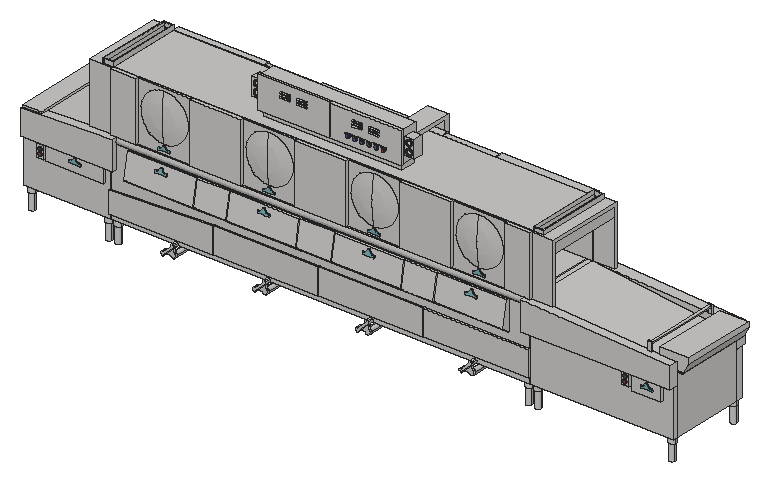
Revit family (continued)
Lines and regions (in)
  symbolic lines
    curve 170: line (91.47138, -4, 65.5) -> (113.97138, -4, 65.5)
    curve 171: line (113.97138, -3, 65.5) -> (113.97138, -4, 65.5)
  symbolic lines, visible <- "Standard Doors"
    curve 47: line (33.47138, -39, 65.5) -> (33.47138, -38.25, 65.5)
    curve 48: line (33.47138, -38.25, 65.5) -> (55.97138, -38.25, 65.5)
    curve 49: line (55.97138, -38.25, 65.5) -> (55.97138, -39, 65.5)
    curve 100: line (77.47138, -39, 65.5) -> (77.47138, -38.25, 65.5)
    curve 101: line (77.47138, -38.25, 65.5) -> (99.97138, -38.25, 65.5)
    curve 102: line (99.97138, -38.25, 65.5) -> (99.97138, -39, 65.5)
    curve 119: line (121.47138, -39, 65.5) -> (121.47138, -38.25, 65.5)
    curve 120: line (121.47138, -38.25, 65.5) -> (143.97138, -38.25, 65.5)
    curve 121: line (143.97138, -38.25, 65.5) -> (143.97138, -39, 65.5)
    curve 147: line (-10.52862, -39, 65.5) -> (-10.52862, -38.25, 65.5)
    curve 148: line (-10.52862, -38.25, 65.5) -> (11.97138, -38.25, 65.5)
    curve 149: line (11.97138, -38.25, 65.5) -> (11.97138, -39, 65.5)
  symbolic lines, visible <- "Swing Doors"
    curve 63: line (45.78388, -39, 65.5) -> (45.78388, -40.125, 65.5)
    curve 64: line (46.53388, -39, 65.5) -> (46.53388, -40.125, 65.5)
    curve 65: arc (46.53388, -40.125, 65.5) -> (46.15888, -40.5, 65.5) -> (45.78388, -40.125, 65.5) r 0.375
    curve 67: line (44.65888, -38.25, 65.5) -> (44.65888, -39, 65.5)
    curve 68: line (44.78388, -38.25, 65.5) -> (44.78388, -39, 65.5)
    curve 69: line (44.65888, -38.25, 65.5) -> (33.47138, -38.25, 65.5)
    curve 70: line (33.47138, -39, 65.5) -> (33.47138, -38.25, 65.5)
    curve 71: line (44.78388, -38.25, 65.5) -> (55.97138, -38.25, 65.5)
    curve 72: line (55.97138, -38.25, 65.5) -> (55.97138, -39, 65.5)
    curve 103: line (86.90888, -39, 65.5) -> (86.90888, -40.125, 65.5)
    curve 104: line (87.65888, -39, 65.5) -> (87.65888, -40.125, 65.5)
    curve 105: arc (87.65888, -40.125, 65.5) -> (87.28388, -40.5, 65.5) -> (86.90888, -40.125, 65.5) r 0.375
    curve 106: line (89.78388, -39, 65.5) -> (89.78388, -40.125, 65.5)
    curve 107: line (90.53388, -39, 65.5) -> (90.53388, -40.125, 65.5)
    curve 108: arc (90.53388, -40.125, 65.5) -> (90.15888, -40.5, 65.5) -> (89.78388, -40.125, 65.5) r 0.375
    curve 109: line (77.47138, -39, 65.5) -> (77.47138, -38.25, 65.5)
    curve 110: line (77.47138, -38.25, 65.5) -> (88.65888, -38.25, 65.5)
    curve 111: line (88.65888, -38.25, 65.5) -> (88.65888, -39, 65.5)
    curve 112: line (88.78388, -39, 65.5) -> (88.78388, -38.25, 65.5)
    curve 113: line (88.78388, -38.25, 65.5) -> (99.97138, -38.25, 65.5)
    curve 114: line (99.97138, -38.25, 65.5) -> (99.97138, -39, 65.5)
    curve 122: line (130.90888, -39, 65.5) -> (130.90888, -40.125, 65.5)
    curve 123: line (131.65888, -39, 65.5) -> (131.65888, -40.125, 65.5)
    curve 124: arc (131.65888, -40.125, 65.5) -> (131.28388, -40.5, 65.5) -> (130.90888, -40.125, 65.5) r 0.375
    curve 125: line (133.78388, -39, 65.5) -> (133.78388, -40.125, 65.5)
    curve 126: line (134.53388, -39, 65.5) -> (134.53388, -40.125, 65.5)
    curve 127: arc (134.53388, -40.125, 65.5) -> (134.15888, -40.5, 65.5) -> (133.78388, -40.125, 65.5) r 0.375
    curve 128: line (121.47138, -39, 65.5) -> (121.47138, -38.25, 65.5)
    curve 129: line (121.47138, -38.25, 65.5) -> (132.65888, -38.25, 65.5)
    curve 130: line (132.65888, -38.25, 65.5) -> (132.65888, -39, 65.5)
    curve 131: line (132.78388, -39, 65.5) -> (132.78388, -38.25, 65.5)
    curve 132: line (132.78388, -38.25, 65.5) -> (143.97138, -38.25, 65.5)
    curve 133: line (143.97138, -38.25, 65.5) -> (143.97138, -39, 65.5)
    curve 144: line (42.90888, -39, 65.5) -> (42.90888, -40.125, 65.5)
    curve 145: line (43.65888, -39, 65.5) -> (43.65888, -40.125, 65.5)
    curve 146: arc (43.65888, -40.125, 65.5) -> (43.28388, -40.5, 65.5) -> (42.90888, -40.125, 65.5) r 0.375
    curve 150: line (1.78388, -39, 65.5) -> (1.78388, -40.125, 65.5)
    curve 151: line (2.53388, -39, 65.5) -> (2.53388, -40.125, 65.5)
    curve 152: arc (2.53388, -40.125, 65.5) -> (2.15888, -40.5, 65.5) -> (1.78388, -40.125, 65.5) r 0.375
    curve 154: line (0.65888, -38.25, 65.5) -> (0.65888, -39, 65.5)
    curve 155: line (0.78388, -38.25, 65.5) -> (0.78388, -39, 65.5)
    curve 156: line (0.65888, -38.25, 65.5) -> (-10.52862, -38.25, 65.5)
    curve 157: line (-10.52862, -39, 65.5) -> (-10.52862, -38.25, 65.5)
    curve 158: line (0.78388, -38.25, 65.5) -> (11.97138, -38.25, 65.5)
    curve 159: line (11.97138, -38.25, 65.5) -> (11.97138, -39, 65.5)
    curve 163: line (-1.09112, -39, 65.5) -> (-1.09112, -40.125, 65.5)
    curve 164: line (-0.34112, -39, 65.5) -> (-0.34112, -40.125, 65.5)
    curve 165: arc (-0.34112, -40.125, 65.5) -> (-0.71612, -40.5, 65.5) -> (-1.09112, -40.125, 65.5) r 0.375
  symbolic lines, style "QF_Clearances", visible <- "Swing Doors", detail levels coarse
    curve 66: line (33.47138, -39, 65.5) -> (33.47138, -50.1875, 65.5)
    curve 73: arc (33.47138, -50.1875, 65.5) -> (41.38213, -46.91076, 65.5) -> (44.65888, -39, 65.5) r 11.1875
    curve 74: line (55.97138, -39, 65.5) -> (55.97138, -50.1875, 65.5)
    curve 75: arc (55.97138, -50.1875, 65.5) -> (48.06062, -46.91076, 65.5) -> (44.78388, -39, 65.5) r 11.1875
    curve 115: line (77.47138, -50.1875, 65.5) -> (77.47138, -39, 65.5)
    curve 116: arc (77.47138, -50.1875, 65.5) -> (85.38213, -46.91076, 65.5) -> (88.65888, -39, 65.5) r 11.1875
    curve 117: line (99.97138, -50.1875, 65.5) -> (99.97138, -39, 65.5)
    curve 118: arc (99.97138, -50.1875, 65.5) -> (92.06062, -46.91076, 65.5) -> (88.78388, -39, 65.5) r 11.1875
    curve 134: line (121.47138, -50.1875, 65.5) -> (121.47138, -39, 65.5)
    curve 135: arc (121.47138, -50.1875, 65.5) -> (129.38213, -46.91076, 65.5) -> (132.65888, -39, 65.5) r 11.1875
    curve 136: line (143.97138, -50.1875, 65.5) -> (143.97138, -39, 65.5)
    curve 137: arc (143.97138, -50.1875, 65.5) -> (136.06062, -46.91076, 65.5) -> (132.78388, -39, 65.5) r 11.1875
    curve 153: line (-10.52862, -39, 65.5) -> (-10.52862, -50.1875, 65.5)
    curve 160: arc (-10.52862, -50.1875, 65.5) -> (-2.61787, -46.91076, 65.5) -> (0.65888, -39, 65.5) r 11.1875
    curve 161: line (11.97138, -39, 65.5) -> (11.97138, -50.1875, 65.5)
    curve 162: arc (11.97138, -50.1875, 65.5) -> (4.06062, -46.91076, 65.5) -> (0.78388, -39, 65.5) r 11.1875
  symbolic lines, visible <- "Unload Removable Cover"
    curve 86: line (214.72138, -6, 65.5) -> (219.72138, -6, 65.5)
    curve 87: line (219.72138, -6, 65.5) -> (219.72138, -37.25, 65.5)
    curve 88: line (219.72138, -37.25, 65.5) -> (214.72138, -37.25, 65.5)
    curve 89: line (207.72138, -37.25, 65.5) -> (207.72138, -6, 65.5)
  symbolic lines, style "QF_Surface Details"
    curve 96: line (52.70902, -13.95855, 52.4375) -> (78.70902, -13.95855, 52.4375)
    curve 97: line (78.70902, -13.95855, 52.4375) -> (72.81036, -12.7718, 52.4375)
    curve 98: line (78.70902, -13.95855, 52.4375) -> (72.81036, -15.14531, 52.4375)
  symbolic lines, style "SpecialityEquipment"
    curve 172: line (80.72138, -26, 65.5) -> (80.72138, 0, 65.5)
    curve 173: line (80.72138, 0, 65.5) -> (89.22138, 0, 65.5)
    curve 174: line (89.22138, 0, 65.5) -> (89.22138, -26, 65.5)
Dimensions and locks (in)
  "Depth": plane 5 "FRONT" to plane 1 "BACK"
  "Power Scrapper Width": plane 3 "LEFT" to plane 6 "Right of Power Scrapper"
  "Power Wash Width": plane 6 "Right of Power Scrapper" to plane 7 "Right of Power Wash"
  locked: plane 8 "Load Vent" to plane 3 "LEFT" at 9
  locked: plane 4 "RIGHT" to plane 9 "Unload Vent" at 9
  locked: plane 10 "Top of Machine" to level at 65.5
  locked: plane 11 "Table Height" to level at 34
  locked: plane 13 "Middle of Machine" to level at 40.625
  locked: plane 3 "LEFT" to plane 14 "Left of Bottom" at 2.5
  locked: plane 15 "Right of Bottom" to plane 4 "RIGHT" at 2.5
  locked: plane 12 "Bottom of Machine" to level at 9
  locked: plane 16 to plane 17 at 0.375
  locked: plane 17 to plane 18 at 13.25
  locked: plane 13 "Middle of Machine" to plane 16 at 2.5
  locked: plane 18 to plane 19 at 2.25
  locked: plane 19 to plane 20 at 10.75
  locked: plane 21 "Back of Main Body" to plane 1 "BACK" at 3
  locked: plane 5 "FRONT" to plane 22 "Front of Main Body" at 3
  equal spacing: plane 3 "LEFT", plane 23, plane 6 "Right of Power Scrapper"
  equal spacing: plane 6 "Right of Power Scrapper", plane 24, plane 7 "Right of Power Wash"
  equal spacing: plane 26, plane 24, plane 27
  "Power Wash Door": plane 26 to plane 27
  locked: plane 22 "Front of Main Body" to plane 28 "Front of Inside" at 1.75
  locked: plane 29 "Back of Inside" to plane 21 "Back of Main Body" at 3
  locked: plane 14 "Left of Bottom" to plane 30 at 5.5
  locked: plane 30 to plane 31 at 29
  locked: plane 31 to plane 32 at 0.25
  plane 35 to plane 7 "Right of Power Wash" to plane 36 = 0' - 0 1/8" locked, 0' - 0 1/8" locked
  plane 33 to plane 6 "Right of Power Scrapper" to plane 34 = 0' - 0 1/8" locked, 0' - 0 1/8" locked
  locked: plane 10 "Top of Machine" to plane 37 at 5.25
  locked: plane 38 to plane 10 "Top of Machine" at 1.75
  locked: plane 40 to plane 39 at 4
  locked: plane 39 to plane 3 "LEFT" at 0.125
  locked: plane 42 to plane 41 at 4
  locked: plane 4 "RIGHT" to plane 42 at 0.125
  "Load Section Width": plane 43 to plane 3 "LEFT"
  locked: plane 44 to plane 43 at 2.5
  locked: plane 45 to plane 43 at 1
  plane 43 to plane 46 = 0' - 8"
  locked: plane 13 "Middle of Machine" to plane 47 at 12.125
  locked: plane 47 to plane 48 at 0.5
  locked: plane 48 to plane 49 at 6
  locked: plane 50 to plane 51 at 24
  "ONOFF Switch": plane 43 to plane 53
  locked: plane 53 to plane 52 at 3
  locked: Extrusion 47 sketch curve to plane 53 at 1.5
  locked: Extrusion 48 sketch curve to plane 53 at 1.5
  locked: Extrusion 45 sketch curve to plane 50 at 9.50172
  locked: plane 51 to Extrusion 45 sketch curve at 9.50242
  locked: plane 51 to plane 3 "LEFT" at 2.125
  "Unload Section Width": plane 4 "RIGHT" to plane 54
  locked: plane 54 to plane 55 at 1
  locked: plane 54 to plane 56 at 2.5
  locked: plane 54 to plane 57 at 5
  locked: plane 58 to plane 57 at 12
  locked: plane 59 to plane 54 at 11
  Extrusion 57 sketch curve to plane 59 to Extrusion 57 sketch curve = 0' - 0 3/4" locked, 0' - 0 3/4" locked
  Extrusion 58 sketch curve to plane 59 to Extrusion 58 sketch curve = 0' - 0 3/4" locked, 0' - 0 3/4" locked
  locked: plane 61 to plane 60 at 12
  locked: plane 60 to plane 54 at 4.5
  locked: Extrusion 61 sketch curve to plane 61 at 3.50172
  locked: plane 60 to Extrusion 61 sketch curve at 3.50242
  locked: plane 62 to plane 61 at 1.5
  locked: plane 63 to plane 62 at 3
  locked: plane 48 to Extrusion 62 sketch curve at 5
  locked: Extrusion 63 sketch curve to plane 63 at 1.5
  locked: Extrusion 64 sketch curve to plane 63 at 1.5
  plane 22 "Front of Main Body" to plane 21 "Back of Main Body" = 3' - 0"
  locked: Extrusion 65 sketch curve to plane 21 "Back of Main Body" at 1.9375
  locked: plane 43 to Extrusion 65 sketch curve at 1.9375
  locked: plane 43 to Extrusion 66 sketch curve at 1.9375
  locked: Extrusion 66 sketch curve to plane 21 "Back of Main Body" at 1.9375
  locked: plane 43 to Extrusion 67 sketch curve at 1.9375
  locked: plane 22 "Front of Main Body" to Extrusion 67 sketch curve at 1.9375
  locked: plane 43 to Extrusion 68 sketch curve at 1.9375
  locked: plane 22 "Front of Main Body" to Extrusion 68 sketch curve at 1.9375
  locked: Extrusion 69 sketch curve to plane 3 "LEFT" at 1.9375
  locked: Extrusion 69 sketch curve to plane 21 "Back of Main Body" at 1.9375
  locked: Extrusion 70 sketch curve to plane 3 "LEFT" at 1.9375
  locked: Extrusion 70 sketch curve to plane 21 "Back of Main Body" at 1.9375
  locked: Extrusion 71 sketch curve to plane 3 "LEFT" at 1.9375
  locked: plane 22 "Front of Main Body" to Extrusion 71 sketch curve at 1.9375
  locked: Extrusion 72 sketch curve to plane 3 "LEFT" at 1.9375
  locked: plane 22 "Front of Main Body" to Extrusion 72 sketch curve at 1.9375
  locked: plane 3 "LEFT" to Extrusion 75 sketch curve at 1.9375
  locked: plane 22 "Front of Main Body" to Extrusion 75 sketch curve at 1.9375
  locked: plane 22 "Front of Main Body" to Extrusion 76 sketch curve at 1.9375
  locked: plane 3 "LEFT" to Extrusion 76 sketch curve at 1.9375
  locked: plane 3 "LEFT" to Extrusion 74 sketch curve at 1.9375
  locked: Extrusion 74 sketch curve to plane 21 "Back of Main Body" at 1.9375
  locked: plane 3 "LEFT" to Extrusion 73 sketch curve at 1.9375
  locked: Extrusion 73 sketch curve to plane 21 "Back of Main Body" at 1.9375
  locked: Extrusion 77 sketch curve to plane 4 "RIGHT" at 1.9375
  locked: Extrusion 77 sketch curve to plane 21 "Back of Main Body" at 1.9375
  locked: Extrusion 78 sketch curve to plane 4 "RIGHT" at 1.9375
  locked: Extrusion 78 sketch curve to plane 21 "Back of Main Body" at 1.9375
  locked: plane 4 "RIGHT" to Extrusion 82 sketch curve at 1.9375
  locked: Extrusion 82 sketch curve to plane 21 "Back of Main Body" at 1.9375
  locked: plane 4 "RIGHT" to Extrusion 81 sketch curve at 1.9375
  locked: Extrusion 81 sketch curve to plane 21 "Back of Main Body" at 1.9375
  locked: Extrusion 79 sketch curve to plane 4 "RIGHT" at 1.9375
  locked: plane 22 "Front of Main Body" to Extrusion 79 sketch curve at 1.9375
  locked: plane 22 "Front of Main Body" to Extrusion 80 sketch curve at 1.9375
  locked: Extrusion 80 sketch curve to plane 4 "RIGHT" at 1.9375
  locked: plane 4 "RIGHT" to Extrusion 83 sketch curve at 1.9375
  locked: plane 22 "Front of Main Body" to Extrusion 83 sketch curve at 1.9375
  locked: plane 4 "RIGHT" to Extrusion 84 sketch curve at 1.9375
  locked: plane 22 "Front of Main Body" to Extrusion 84 sketch curve at 1.9375
  locked: Extrusion 85 sketch curve to plane 54 at 1.9375
  locked: Extrusion 85 sketch curve to plane 21 "Back of Main Body" at 1.9375
  locked: Extrusion 86 sketch curve to plane 54 at 1.9375
  locked: Extrusion 86 sketch curve to plane 21 "Back of Main Body" at 1.9375
  locked: plane 22 "Front of Main Body" to Extrusion 88 sketch curve at 1.9375
  locked: Extrusion 88 sketch curve to plane 54 at 1.9375
  locked: Extrusion 87 sketch curve to plane 54 at 1.9375
  locked: plane 22 "Front of Main Body" to Extrusion 87 sketch curve at 1.9375
  locked: plane 22 "Front of Main Body" to plane 64 at 6.5
  locked: plane 64 to plane 65 at 6
  plane 3 "LEFT" to plane 66 = 4' - 11"
  locked: plane 66 to plane 67 at 58
  locked: plane 68 to plane 10 "Top of Machine" at 3
  locked: plane 69 to plane 68 at 2.875
  locked: plane 70 to plane 69 at 7.25
  locked: plane 71 to plane 68 at 13
  equal spacing: plane 66, plane 72, plane 67
  plane 73 to plane 72 to plane 74 = 0' - 0 1/8" locked, 0' - 0 1/8" locked
  locked: plane 75 to plane 66 at 1
  locked: plane 67 to plane 76 at 1
  locked: plane 76 to plane 77 at 4
  locked: plane 78 to plane 75 at 4
  locked: plane 65 to plane 79 "Back of Elec Box" at 0.5
  locked: plane 80 to plane 64 at 0.5
  locked: plane 68 to plane 82 at 0.25
  locked: plane 71 to plane 83 at 0.25
  locked: plane 75 to plane 84 at 0.25
  locked: plane 85 "Right of Control Box" to plane 76 at 0.25
  locked: plane 80 to plane 86 "Front of LR Panels" at 0.75
  locked: plane 86 "Front of LR Panels" to plane 87 at 4
  locked: plane 88 "Drain" to level at 7
  locked: plane 43 to plane 89 "Left Drain" at 17.5
  locked: plane 90 "Right Drain" to plane 54 at 7
  locked: plane 91 "Drain CL" to plane 21 "Back of Main Body" at 17.25
  locked: plane 92 "Utilities" to level at 6
  locked: plane 93 "Cold Water" to plane 3 "LEFT" at 10
  locked: plane 94 "Utility to Machine" to plane 21 "Back of Main Body" at 13.75
  locked: plane 94 "Utility to Machine" to plane 95 "Utilities Point of Connection" at 8.25
  locked: plane 4 "RIGHT" to plane 96 "Building Hot Water" at 36
  locked: Extrusion 128 sketch curve to plane 75 at 2
  locked: Extrusion 128 sketch curve to plane 10 "Top of Machine" at 13
  locked: Extrusion 131 to Extrusion 137 sketch curve at 1
  locked: Extrusion 170 to Extrusion 176 sketch curve at 1
  locked: plane 26 to plane 97 at 0.25
  locked: plane 98 to plane 24 at 0.0625
  locked: plane 24 to plane 99 at 0.0625
  locked: plane 102 to plane 24 at 1.4375
  locked: plane 24 to plane 101 at 1.4375
  locked: plane 100 to plane 27 at 0.25
  locked: plane 103 "Standard Door Clearance" to plane 10 "Top of Machine" at 28
  plane 4 "RIGHT" to plane 104 = 2' - 0"
  locked: plane 104 to nested 5
  locked: plane 4 "RIGHT" to nested 4 at 12
  locked: Extrusion 187 sketch curve to plane 4 "RIGHT" at 12
  locked: Extrusion 187 sketch curve to level at 11
  "Final Rinse Width": plane 7 "Right of Power Wash" to plane 25
  "Final Rinse 2 Width": plane 25 to plane 4 "RIGHT"
  equal spacing: plane 7 "Right of Power Wash", plane 105, plane 25
  equal spacing: plane 25, plane 106, plane 4 "RIGHT"
  "Power Rinse Door": plane 107 to plane 108
  locked: plane 107 to plane 109 at 0.25
  locked: plane 112 to plane 108 at 0.25
  equal spacing: plane 107, plane 105, plane 108
  locked: plane 110 to plane 105 at 0.0625
  locked: plane 105 to plane 111 at 0.0625
  locked: plane 105 to plane 113 at 1.4375
  locked: plane 114 to plane 105 at 1.4375
  locked: plane 115 to plane 25 at 0.125
  locked: plane 25 to plane 116 at 0.125
  "Power Rinse Door": plane 117 to plane 118
  locked: plane 117 to plane 119 at 0.25
  locked: plane 122 to plane 118 at 0.25
  equal spacing: plane 117, plane 106, plane 118
  locked: plane 120 to plane 106 at 0.0625
  locked: plane 106 to plane 121 at 0.0625
  locked: plane 106 to plane 123 at 1.4375
  locked: plane 124 to plane 106 at 1.4375
  "Power Scrapper Door": plane 125 to plane 126
  locked: plane 125 to plane 127 at 0.25
  locked: plane 130 to plane 126 at 0.25
  locked: plane 128 to plane 23 at 0.0625
  locked: plane 23 to plane 129 at 0.0625
  locked: plane 23 to plane 131 at 1.4375
  locked: plane 132 to plane 23 at 1.4375
  equal spacing: plane 125, plane 23, plane 126
  locked: plane 133 to plane 134 at 22.5
  locked: plane 135 to plane 136 at 22.5
  locked: plane 31 to plane 137 at 14
  locked: plane 137 to plane 138 at 29
  locked: plane 138 to plane 139 at 15
  locked: plane 139 to plane 140 at 29
  locked: plane 140 to plane 141 at 14
  locked: plane 141 to plane 142 at 29
  locked: plane 143 to plane 137 at 0.25
  locked: plane 138 to plane 144 at 0.25
  locked: plane 146 to plane 139 at 0.25
  locked: plane 140 to plane 145 at 0.25
  locked: plane 147 to plane 141 at 0.25
  aligned and locked: level to plane 2
  aligned and locked: plane 12 "Bottom of Machine" to Extrusion 1 sketch curve
  aligned and locked: plane 3 "LEFT" to Extrusion 1 sketch curve
  aligned and locked: plane 14 "Left of Bottom" to Extrusion 1 sketch curve
  aligned and locked: Extrusion 1 sketch curve to plane 15 "Right of Bottom"
  aligned and locked: Extrusion 1 sketch curve to plane 4 "RIGHT"
  aligned and locked: Extrusion 1 to plane 21 "Back of Main Body"
  aligned and locked: Extrusion 1 sketch curve to plane 16
  aligned and locked: Extrusion 2 sketch curve to plane 13 "Middle of Machine"
  aligned and locked: plane 16 to Extrusion 2 sketch curve
  aligned and locked: plane 21 "Back of Main Body" to Extrusion 2 sketch curve
  aligned and locked: Extrusion 2 to plane 14 "Left of Bottom"
  aligned and locked: plane 3 "LEFT" to Extrusion 3 sketch curve
  aligned and locked: Extrusion 3 sketch curve to plane 22 "Front of Main Body"
  aligned and locked: plane 28 "Front of Inside" to Extrusion 3 sketch curve
  aligned and locked: Extrusion 3 to plane 13 "Middle of Machine"
  aligned and locked: plane 28 "Front of Inside" to Extrusion 4 sketch curve
  aligned and locked: Extrusion 4 sketch curve to plane 26
  aligned and locked: Extrusion 4 sketch curve to plane 22 "Front of Main Body"
  aligned and locked: Extrusion 4 to plane 13 "Middle of Machine"
  aligned and locked: plane 28 "Front of Inside" to Extrusion 5 sketch curve
  aligned and locked: Extrusion 5 sketch curve to plane 22 "Front of Main Body"
  aligned and locked: plane 27 to Extrusion 5 sketch curve
  aligned and locked: Extrusion 6 sketch curve to plane 4 "RIGHT"
  aligned and locked: plane 28 "Front of Inside" to Extrusion 6 sketch curve
  aligned and locked: Extrusion 6 sketch curve to plane 22 "Front of Main Body"
  aligned and locked: Extrusion 5 to plane 13 "Middle of Machine"
  aligned and locked: Extrusion 6 to plane 13 "Middle of Machine"
  aligned and locked: plane 3 "LEFT" to Extrusion 7 sketch curve
  aligned and locked: plane 21 "Back of Main Body" to Extrusion 7 sketch curve
  aligned and locked: Extrusion 7 sketch curve to plane 29 "Back of Inside"
  aligned and locked: Extrusion 8 sketch curve to plane 4 "RIGHT"
  aligned and locked: plane 21 "Back of Main Body" to Extrusion 8 sketch curve
  aligned and locked: Extrusion 8 sketch curve to plane 29 "Back of Inside"
  aligned and locked: Extrusion 7 to plane 13 "Middle of Machine"
  aligned and locked: Extrusion 8 to plane 13 "Middle of Machine"
  aligned and locked: plane 28 "Front of Inside" to Extrusion 9 sketch curve
  aligned and locked: plane 26 to Extrusion 9 sketch curve
  aligned and locked: Extrusion 9 sketch curve to plane 27
  aligned and locked: Extrusion 9 to plane 13 "Middle of Machine"
  aligned and locked: Extrusion 12 to plane 32
  aligned and locked: plane 3 "LEFT" to Extrusion 16 sketch curve
  aligned and locked: plane 20 to Extrusion 16 sketch curve
  aligned and locked: Extrusion 16 sketch curve to plane 33
  aligned and locked: Extrusion 17 sketch curve to plane 35
  aligned and locked: Extrusion 17 sketch curve to plane 19
  aligned and locked: plane 34 to Extrusion 17 sketch curve
  aligned and locked: plane 20 to Extrusion 17 sketch curve
  aligned and locked: Extrusion 18 sketch curve to plane 19
  aligned and locked: plane 20 to Extrusion 18 sketch curve
  aligned and locked: plane 36 to Extrusion 18 sketch curve
  aligned and locked: plane 29 "Back of Inside" to Extrusion 19 sketch curve
  aligned and locked: plane 3 "LEFT" to Extrusion 19 sketch curve
  aligned and locked: Extrusion 19 sketch curve to plane 28 "Front of Inside"
  aligned and locked: Extrusion 19 sketch curve to plane 4 "RIGHT"
  aligned and locked: Extrusion 19 to plane 37
  aligned and locked: plane 13 "Middle of Machine" to Extrusion 20 sketch curve  (x2)
  aligned and locked: Extrusion 20 sketch curve to plane 10 "Top of Machine"
  aligned and locked: Extrusion 20 to plane 8 "Load Vent"
  aligned and locked: plane 40 to Extrusion 21 sketch curve
  aligned and locked: Extrusion 21 sketch curve to plane 39
  aligned and locked: plane 38 to Extrusion 21
  aligned and locked: Extrusion 22 sketch curve to Extrusion 20
  aligned and locked: Extrusion 22 sketch curve to plane 37
  aligned and locked: Extrusion 23 sketch curve to Extrusion 21
  aligned and locked: Extrusion 21 to Extrusion 23 sketch curve
  aligned and locked: Extrusion 24 to Extrusion 26 sketch curve
  aligned and locked: plane 9 "Unload Vent" to Extrusion 24
  aligned and locked: plane 41 to Extrusion 25 sketch curve
  aligned and locked: Extrusion 25 sketch curve to plane 42
  aligned and locked: plane 38 to Extrusion 25
  aligned and locked: plane 37 to Extrusion 26 sketch curve
  aligned and locked: Extrusion 25 to Extrusion 27 sketch curve
  aligned and locked: Extrusion 27 sketch curve to Extrusion 25
  aligned and locked: plane 15 "Right of Bottom" to Extrusion 2
  aligned and locked: plane 43 to Extrusion 35 sketch curve
  aligned and locked: Extrusion 35 sketch curve to plane 14 "Left of Bottom"
  aligned and locked: plane 43 to Extrusion 36 sketch curve
  aligned and locked: Extrusion 36 sketch curve to plane 14 "Left of Bottom"
  aligned and locked: Extrusion 37 sketch curve to plane 44
  aligned and locked: plane 11 "Table Height" to Extrusion 37 sketch curve
  aligned and locked: plane 43 to Extrusion 37 sketch curve
  aligned and locked: plane 28 "Front of Inside" to Extrusion 37
  aligned and locked: Extrusion 38 sketch curve to plane 45
  aligned and locked: plane 43 to Extrusion 38 sketch curve
  aligned and locked: Extrusion 39 sketch curve to plane 45
  aligned and locked: plane 43 to Extrusion 39 sketch curve
  aligned and locked: plane 43 to Extrusion 40 sketch curve
  aligned and locked: Extrusion 40 sketch curve to plane 14 "Left of Bottom"
  aligned and locked: Extrusion 40 sketch curve to plane 13 "Middle of Machine"
  aligned and locked: Extrusion 40 sketch curve to plane 12 "Bottom of Machine"
  aligned and locked: plane 3 "LEFT" to Extrusion 40 sketch curve
  aligned and locked: plane 43 to Extrusion 41 sketch curve
  aligned and locked: plane 46 to Extrusion 41 sketch curve
  aligned and locked: plane 43 to Extrusion 42 sketch curve
  aligned and locked: plane 12 "Bottom of Machine" to Extrusion 42 sketch curve
  aligned and locked: Extrusion 42 sketch curve to plane 3 "LEFT"
  aligned and locked: plane 22 "Front of Main Body" to Extrusion 42
  aligned and locked: plane 28 "Front of Inside" to Extrusion 40
  aligned and locked: plane 43 to Extrusion 43 sketch curve
  aligned and locked: plane 12 "Bottom of Machine" to Extrusion 43 sketch curve
  aligned and locked: Extrusion 43 sketch curve to plane 3 "LEFT"
  aligned and locked: Extrusion 43 to plane 21 "Back of Main Body"
  aligned and locked: plane 47 to Extrusion 35 sketch curve
  aligned and locked: plane 47 to Extrusion 36 sketch curve
  aligned and locked: Extrusion 42 sketch curve to plane 47
  aligned and locked: Extrusion 43 sketch curve to plane 47
  aligned and locked: Extrusion 44 to plane 22 "Front of Main Body"
  aligned and locked: plane 53 to Extrusion 46 sketch curve
  aligned and locked: Extrusion 46 sketch curve to plane 52
  aligned and locked: Extrusion 44 to plane 50
  aligned and locked: plane 51 to Extrusion 44
  aligned and locked: plane 13 "Middle of Machine" to Extrusion 53 sketch curve
  aligned and locked: Extrusion 53 sketch curve to plane 15 "Right of Bottom"
  aligned and locked: Extrusion 53 sketch curve to plane 47
  aligned and locked: plane 4 "RIGHT" to Extrusion 53 sketch curve
  aligned and locked: plane 12 "Bottom of Machine" to Extrusion 53 sketch curve
  aligned and locked: plane 54 to Extrusion 53 sketch curve
  aligned and locked: plane 54 to Extrusion 52 sketch curve
  aligned and locked: Extrusion 52 sketch curve to plane 55
  aligned and locked: Extrusion 51 sketch curve to plane 56
  aligned and locked: plane 54 to Extrusion 51 sketch curve
  aligned and locked: Extrusion 51 sketch curve to plane 11 "Table Height"
  aligned and locked: Extrusion 49 sketch curve to plane 15 "Right of Bottom"
  aligned and locked: Extrusion 49 sketch curve to plane 47
  aligned and locked: plane 54 to Extrusion 49 sketch curve
  aligned and locked: Extrusion 50 sketch curve to plane 15 "Right of Bottom"
  aligned and locked: Extrusion 50 sketch curve to plane 47
  aligned and locked: plane 54 to Extrusion 50 sketch curve
  aligned and locked: Extrusion 54 sketch curve to plane 4 "RIGHT"
  aligned and locked: plane 47 to Extrusion 54 sketch curve
  aligned and locked: Extrusion 54 sketch curve to plane 12 "Bottom of Machine"
  aligned and locked: plane 54 to Extrusion 54 sketch curve
  aligned and locked: Extrusion 55 sketch curve to plane 4 "RIGHT"
  aligned and locked: plane 47 to Extrusion 55 sketch curve
  aligned and locked: plane 54 to Extrusion 55 sketch curve
  aligned and locked: Extrusion 55 sketch curve to plane 12 "Bottom of Machine"
  aligned and locked: plane 13 "Middle of Machine" to Extrusion 56 sketch curve
  aligned and locked: Extrusion 56 sketch curve to plane 58
  aligned and locked: Extrusion 56 sketch curve to plane 57
  aligned and locked: plane 28 "Front of Inside" to Extrusion 56
  aligned and locked: plane 28 "Front of Inside" to Extrusion 59
  aligned and locked: Extrusion 60 sketch curve to plane 48
  aligned and locked: plane 49 to Extrusion 60 sketch curve
  aligned and locked: plane 61 to Extrusion 60 sketch curve
  aligned and locked: Extrusion 60 sketch curve to plane 60
  aligned and locked: plane 63 to Extrusion 62 sketch curve
  aligned and locked: Extrusion 62 sketch curve to plane 62
  aligned and locked: Extrusion 62 sketch curve to plane 48
  aligned and locked: Extrusion 66 to Extrusion 65
  aligned and locked: plane 12 "Bottom of Machine" to Extrusion 66
  aligned and locked: Extrusion 68 to Extrusion 67
  aligned and locked: Extrusion 70 to Extrusion 69
  aligned and locked: Extrusion 72 to Extrusion 71
  aligned and locked: Extrusion 73 to Extrusion 74
  aligned and locked: Extrusion 75 to Extrusion 76
  aligned and locked: Extrusion 78 to Extrusion 77
  aligned and locked: Extrusion 80 to Extrusion 79
  aligned and locked: Extrusion 81 to Extrusion 82
  aligned and locked: Extrusion 83 to Extrusion 84
  aligned and locked: Extrusion 86 to Extrusion 85
  aligned and locked: Extrusion 88 to Extrusion 87
  aligned and locked: plane 65 to Extrusion 89 sketch curve
  aligned and locked: Extrusion 89 sketch curve to plane 64
  aligned and locked: Extrusion 89 sketch curve to plane 67
  aligned and locked: plane 66 to Extrusion 89 sketch curve
  aligned and locked: plane 79 "Back of Elec Box" to Extrusion 90 sketch curve
  aligned and locked: Extrusion 90 sketch curve to plane 80
  aligned and locked: plane 84 to Extrusion 90 sketch curve
  aligned and locked: Extrusion 90 sketch curve to plane 85 "Right of Control Box"
  aligned and locked: Extrusion 90 to plane 68
  aligned and locked: plane 83 to Extrusion 90
  aligned and locked: plane 75 to Extrusion 91 sketch curve
  aligned and locked: Extrusion 91 sketch curve to plane 81 "Front of Panel"
  aligned and locked: Extrusion 91 sketch curve to plane 73
  aligned and locked: plane 74 to Extrusion 92 sketch curve
  aligned and locked: Extrusion 92 sketch curve to plane 81 "Front of Panel"
  aligned and locked: plane 80 to Extrusion 92 sketch curve
  aligned and locked: Extrusion 92 sketch curve to plane 76
  aligned and locked: Extrusion 92 to plane 82
  aligned and locked: Extrusion 91 to plane 82
  aligned and locked: plane 71 to Extrusion 91
  aligned and locked: plane 71 to Extrusion 92
  aligned and locked: plane 87 to Extrusion 93 sketch curve
  aligned and locked: Extrusion 93 sketch curve to plane 84
  aligned and locked: Extrusion 93 sketch curve to plane 86 "Front of LR Panels"
  aligned and locked: plane 78 to Extrusion 93 sketch curve
  aligned and locked: plane 85 "Right of Control Box" to Extrusion 94 sketch curve
  aligned and locked: Extrusion 94 sketch curve to plane 86 "Front of LR Panels"
  aligned and locked: Extrusion 94 sketch curve to plane 77
  aligned and locked: plane 87 to Extrusion 94 sketch curve
  aligned and locked: plane 70 to Extrusion 93
  aligned and locked: plane 70 to Extrusion 94
  aligned and locked: Extrusion 93 to plane 69
  aligned and locked: Extrusion 94 to plane 69
  aligned and locked: Extrusion 96 sketch curve to Extrusion 95  (x2)
  aligned and locked: Extrusion 104 sketch curve to Extrusion 103  (x2)
  aligned and locked: Extrusion 106 sketch curve to Extrusion 105  (x2)
  aligned and locked: Extrusion 108 sketch curve to Extrusion 107  (x2)
  aligned and locked: Extrusion 123 to plane 89 "Left Drain"
  aligned and locked: plane 90 "Right Drain" to Extrusion 123
  aligned and locked: Extrusion 124 sketch curve to Extrusion 123  (x2)
  aligned and locked: Extrusion 125 sketch curve to Extrusion 123  (x2)
  aligned and locked: plane 42 to nested 1
  aligned and locked: plane 29 "Back of Inside" to nested 1
  aligned and locked: Extrusion 141 sketch curve to Extrusion 140  (x2)
  aligned and locked: Extrusion 149 sketch curve to Extrusion 148  (x2)
  aligned and locked: Extrusion 151 sketch curve to Extrusion 150  (x2)
  aligned and locked: Extrusion 153 sketch curve to Extrusion 152  (x2)
  aligned and locked: plane 97 to Extrusion 177 sketch curve
  aligned and locked: Extrusion 177 sketch curve to plane 98
  aligned and locked: Extrusion 177 sketch curve to plane 22 "Front of Main Body"
  aligned and locked: plane 99 to Extrusion 178 sketch curve
  aligned and locked: Extrusion 178 sketch curve to plane 100
  aligned and locked: Extrusion 178 sketch curve to plane 22 "Front of Main Body"
  aligned and locked: Extrusion 177 to plane 13 "Middle of Machine"
  aligned and locked: Extrusion 178 to plane 13 "Middle of Machine"
  aligned and locked: curve 66 to plane 26
  aligned and locked: curve 74 to plane 27
  aligned and locked: plane 26 to Extrusion 185 sketch curve
  aligned and locked: Extrusion 185 sketch curve to plane 27
  aligned and locked: Extrusion 185 sketch curve to plane 22 "Front of Main Body"
  aligned and locked: plane 107 to Extrusion 188 sketch curve
  aligned and locked: Extrusion 188 sketch curve to plane 108
  aligned and locked: plane 109 to Extrusion 190 sketch curve
  aligned and locked: Extrusion 190 sketch curve to plane 110
  aligned and locked: plane 111 to Extrusion 191 sketch curve
  aligned and locked: Extrusion 191 sketch curve to plane 112
  aligned and locked: plane 107 to curve 115
  aligned and locked: plane 108 to curve 117
  aligned and locked: plane 107 to Extrusion 198 sketch curve
  aligned and locked: Extrusion 198 sketch curve to plane 108
  aligned and locked: Extrusion 5 sketch curve to plane 107
  aligned and locked: Extrusion 18 sketch curve to plane 115
  aligned and locked: plane 116 to Extrusion 199 sketch curve
  aligned and locked: Extrusion 199 sketch curve to plane 4 "RIGHT"
  aligned and locked: plane 117 to Extrusion 200 sketch curve
  aligned and locked: Extrusion 200 sketch curve to plane 118
  aligned and locked: plane 119 to Extrusion 202 sketch curve
  aligned and locked: Extrusion 202 sketch curve to plane 120
  aligned and locked: plane 121 to Extrusion 203 sketch curve
  aligned and locked: Extrusion 203 sketch curve to plane 122
  aligned and locked: plane 117 to curve 134
  aligned and locked: plane 118 to curve 136
  aligned and locked: plane 117 to Extrusion 210 sketch curve
  aligned and locked: Extrusion 210 sketch curve to plane 118
  aligned and locked: plane 118 to Extrusion 6 sketch curve
  aligned and locked: plane 108 to Extrusion 211 sketch curve
  aligned and locked: Extrusion 211 sketch curve to plane 117
  aligned and locked: plane 125 to Extrusion 223 sketch curve
  aligned and locked: Extrusion 223 sketch curve to plane 126
  aligned and locked: plane 127 to Extrusion 225 sketch curve
  aligned and locked: Extrusion 225 sketch curve to plane 128
  aligned and locked: plane 129 to Extrusion 226 sketch curve
  aligned and locked: Extrusion 226 sketch curve to plane 130
  aligned and locked: curve 153 to plane 125
  aligned and locked: curve 161 to plane 126
  aligned and locked: plane 125 to Extrusion 233 sketch curve
  aligned and locked: Extrusion 233 sketch curve to plane 126
  aligned and locked: plane 125 to Extrusion 3
  aligned and locked: Extrusion 4 to plane 126
  aligned and locked: plane 133 to Extrusion 236 sketch curve
  aligned and locked: Extrusion 236 sketch curve to plane 134
  aligned and locked: plane 135 to Extrusion 238 sketch curve
  aligned and locked: Extrusion 238 sketch curve to plane 136
Automatic sketch dimensions
  Extrusion 11 sketch curve to Extrusion 11 sketch curve = 0' - 1"
  Extrusion 12 sketch curve to Extrusion 12 sketch curve = 0' - 1"
  Extrusion 13 sketch curve to Extrusion 13 sketch curve = 0' - 1"
  Extrusion 14 sketch curve to Extrusion 14 sketch curve = 0' - 1"
  Extrusion 15 sketch curve to Extrusion 15 sketch curve = 0' - 1"
  Extrusion 11 sketch curve to Extrusion 11 sketch curve = 0' - 2"
  Extrusion 11 sketch curve to Extrusion 11 sketch curve = 0' - 2 5/16"
  Extrusion 11 sketch curve to Extrusion 11 sketch curve = 0' - 10 1/4"
  Extrusion 12 sketch curve to Extrusion 12 sketch curve = 0' - 2"
  Extrusion 12 sketch curve to Extrusion 12 sketch curve = 0' - 2 5/16"
  Extrusion 12 sketch curve to Extrusion 12 sketch curve = 0' - 10 1/4"
  Extrusion 13 sketch curve to Extrusion 13 sketch curve = 0' - 2"
  Extrusion 13 sketch curve to Extrusion 13 sketch curve = 0' - 2 5/16"
  Extrusion 13 sketch curve to Extrusion 13 sketch curve = 0' - 10 1/4"
  Extrusion 14 sketch curve to Extrusion 14 sketch curve = 0' - 2"
  Extrusion 14 sketch curve to Extrusion 14 sketch curve = 0' - 2 5/16"
  Extrusion 14 sketch curve to Extrusion 14 sketch curve = 0' - 10 1/4"
  Extrusion 15 sketch curve to Extrusion 15 sketch curve = 0' - 2"
  Extrusion 15 sketch curve to Extrusion 15 sketch curve = 0' - 2 5/16"
  Extrusion 15 sketch curve to Extrusion 15 sketch curve = 0' - 10 1/4"
  Extrusion 29 sketch curve to Extrusion 29 sketch curve = 0' - 1"
  Extrusion 30 sketch curve to Extrusion 30 sketch curve = 0' - 1"
  Extrusion 31 sketch curve to Extrusion 31 sketch curve = 0' - 1"
  Extrusion 32 sketch curve to Extrusion 32 sketch curve = 0' - 1"
  Extrusion 33 sketch curve to Extrusion 33 sketch curve = 0' - 1"
  Extrusion 29 sketch curve to Extrusion 29 sketch curve = 0' - 2"
  Extrusion 29 sketch curve to Extrusion 29 sketch curve = 0' - 2 5/16"
  Extrusion 29 sketch curve to Extrusion 29 sketch curve = 0' - 10 1/4"
  Extrusion 30 sketch curve to Extrusion 30 sketch curve = 0' - 2"
  Extrusion 30 sketch curve to Extrusion 30 sketch curve = 0' - 2 5/16"
  Extrusion 30 sketch curve to Extrusion 30 sketch curve = 0' - 10 1/4"
  Extrusion 31 sketch curve to Extrusion 31 sketch curve = 0' - 2"
  Extrusion 31 sketch curve to Extrusion 31 sketch curve = 0' - 2 5/16"
  Extrusion 31 sketch curve to Extrusion 31 sketch curve = 0' - 10 1/4"
  Extrusion 32 sketch curve to Extrusion 32 sketch curve = 0' - 2"
  Extrusion 32 sketch curve to Extrusion 32 sketch curve = 0' - 2 5/16"
  Extrusion 32 sketch curve to Extrusion 32 sketch curve = 0' - 10 1/4"
  Extrusion 33 sketch curve to Extrusion 33 sketch curve = 0' - 2"
  Extrusion 33 sketch curve to Extrusion 33 sketch curve = 0' - 2 5/16"
  Extrusion 33 sketch curve to Extrusion 33 sketch curve = 0' - 10 1/4"
  Extrusion 95 sketch curve to Extrusion 95 sketch curve = 0' - 0"  (x4)
  Extrusion 97 sketch curve to Extrusion 97 sketch curve = 0' - 1"  (x5)
  Extrusion 97 sketch curve to Extrusion 97 sketch curve = 0' - 2"  (x6)
  Extrusion 97 sketch curve to Extrusion 97 sketch curve = 0' - 0"  (x5)
  Extrusion 97 sketch curve to Extrusion 97 sketch curve = 0' - 0 1/4"  (x6)
  Extrusion 102 sketch curve to Extrusion 102 sketch curve = 0' - 1 1/2"  (x5)
  Extrusion 102 sketch curve to Extrusion 102 sketch curve = 0' - 0 3/4"  (x6)
  Extrusion 102 sketch curve to Extrusion 102 sketch curve = 0' - 0 7/8"  (x6)
  Extrusion 103 sketch curve to Extrusion 103 sketch curve = 0' - 0"  (x4)
  Extrusion 105 sketch curve to Extrusion 105 sketch curve = 0' - 0"  (x4)
  Extrusion 107 sketch curve to Extrusion 107 sketch curve = 0' - 0"  (x4)
  Extrusion 111 sketch curve to Extrusion 111 sketch curve = 0' - 0 5/8"
  Extrusion 112 sketch curve to Extrusion 112 sketch curve = 0' - 0 5/8"
  Extrusion 113 sketch curve to Extrusion 113 sketch curve = 0' - 0 5/8"
  Extrusion 114 sketch curve to Extrusion 114 sketch curve = 0' - 0 5/8"
  Extrusion 115 sketch curve to Extrusion 115 sketch curve = 0' - 0 5/8"
  Extrusion 116 sketch curve to Extrusion 116 sketch curve = 0' - 0 5/8"
  Extrusion 117 sketch curve to Extrusion 117 sketch curve = 0' - 0 5/8"
  Extrusion 118 sketch curve to Extrusion 118 sketch curve = 0' - 0 5/8"
  Extrusion 119 sketch curve to Extrusion 119 sketch curve = 0' - 0 5/8"
  Extrusion 120 sketch curve to Extrusion 120 sketch curve = 0' - 0 5/8"
  Extrusion 121 sketch curve to Extrusion 121 sketch curve = 0' - 0 5/8"
  Extrusion 122 sketch curve to Extrusion 122 sketch curve = 0' - 0 5/8"
  Extrusion 129 sketch curve to Extrusion 129 sketch curve = 0' - 0"  (x4)
  Extrusion 130 sketch curve to Extrusion 130 sketch curve = 0' - 0"  (x4)
  Extrusion 131 sketch curve to Extrusion 131 sketch curve = 0' - 1 5/8"  (x2)
  Extrusion 131 sketch curve to Extrusion 131 sketch curve = 0' - 1 1/8"
  Extrusion 132 sketch curve to Extrusion 132 sketch curve = 0' - 0 1/2"  (x7)
  Extrusion 132 sketch curve to Extrusion 132 sketch curve = 0' - 0 1/4"  (x4)
  Extrusion 132 sketch curve to Extrusion 132 sketch curve = 0' - 4 1/2"
  Extrusion 133 sketch curve to Extrusion 133 sketch curve = 0' - 1 5/8"  (x2)
  Extrusion 133 sketch curve to Extrusion 133 sketch curve = 0' - 1 1/8"
  Extrusion 134 sketch curve to Extrusion 134 sketch curve = 0' - 0"  (x4)
  Extrusion 135 sketch curve to Extrusion 135 sketch curve = 0' - 0 1/2"  (x7)
  Extrusion 135 sketch curve to Extrusion 135 sketch curve = 0' - 0 1/4"  (x4)
  Extrusion 135 sketch curve to Extrusion 135 sketch curve = 0' - 4 1/2"
  Extrusion 136 sketch curve to Extrusion 136 sketch curve = 0' - 1 5/8"  (x2)
  Extrusion 136 sketch curve to Extrusion 136 sketch curve = 0' - 1 1/8"
  Extrusion 137 sketch curve to Extrusion 137 sketch curve = 0' - 0 1/2"  (x9)
  Extrusion 137 sketch curve to Extrusion 137 sketch curve = 0' - 0 1/4"  (x2)
  Extrusion 137 sketch curve to Extrusion 137 sketch curve = 0' - 4 1/2"
  Extrusion 102 sketch curve to Extrusion 102 sketch curve = 0' - 0"  (x5)
  Extrusion 111 sketch curve to Extrusion 111 sketch curve = 0' - 2 3/4"
  Extrusion 112 sketch curve to Extrusion 112 sketch curve = 0' - 2 3/4"
  Extrusion 113 sketch curve to Extrusion 113 sketch curve = 0' - 2 3/4"
  Extrusion 114 sketch curve to Extrusion 114 sketch curve = 0' - 2 3/4"
  Extrusion 115 sketch curve to Extrusion 115 sketch curve = 0' - 2 3/4"
  Extrusion 116 sketch curve to Extrusion 116 sketch curve = 0' - 2 3/4"
  Extrusion 117 sketch curve to Extrusion 117 sketch curve = 0' - 2 3/4"
  Extrusion 118 sketch curve to Extrusion 118 sketch curve = 0' - 2 3/4"
  Extrusion 119 sketch curve to Extrusion 119 sketch curve = 0' - 2 3/4"
  Extrusion 120 sketch curve to Extrusion 120 sketch curve = 0' - 2 3/4"
  Extrusion 121 sketch curve to Extrusion 121 sketch curve = 0' - 2 3/4"
  Extrusion 122 sketch curve to Extrusion 122 sketch curve = 0' - 2 3/4"
  Extrusion 140 sketch curve to Extrusion 140 sketch curve = 0' - 0"  (x4)
  Extrusion 142 sketch curve to Extrusion 142 sketch curve = 0' - 1"  (x5)
  Extrusion 142 sketch curve to Extrusion 142 sketch curve = 0' - 2"  (x6)
  Extrusion 142 sketch curve to Extrusion 142 sketch curve = 0' - 0"  (x5)
  Extrusion 142 sketch curve to Extrusion 142 sketch curve = 0' - 0 1/4"  (x6)
  Extrusion 147 sketch curve to Extrusion 147 sketch curve = 0' - 1 1/2"  (x5)
  Extrusion 147 sketch curve to Extrusion 147 sketch curve = 0' - 0 3/4"  (x6)
  Extrusion 147 sketch curve to Extrusion 147 sketch curve = 0' - 0 7/8"  (x6)
  Extrusion 148 sketch curve to Extrusion 148 sketch curve = 0' - 0"  (x4)
  Extrusion 150 sketch curve to Extrusion 150 sketch curve = 0' - 0"  (x4)
  Extrusion 152 sketch curve to Extrusion 152 sketch curve = 0' - 0"  (x4)
  Extrusion 156 sketch curve to Extrusion 156 sketch curve = 0' - 0 5/8"
  Extrusion 157 sketch curve to Extrusion 157 sketch curve = 0' - 0 5/8"
  Extrusion 158 sketch curve to Extrusion 158 sketch curve = 0' - 0 5/8"
  Extrusion 159 sketch curve to Extrusion 159 sketch curve = 0' - 0 5/8"
  Extrusion 160 sketch curve to Extrusion 160 sketch curve = 0' - 0 5/8"
  Extrusion 161 sketch curve to Extrusion 161 sketch curve = 0' - 0 5/8"
  Extrusion 162 sketch curve to Extrusion 162 sketch curve = 0' - 0 5/8"
  Extrusion 163 sketch curve to Extrusion 163 sketch curve = 0' - 0 5/8"
  Extrusion 164 sketch curve to Extrusion 164 sketch curve = 0' - 0 5/8"
  Extrusion 165 sketch curve to Extrusion 165 sketch curve = 0' - 0 5/8"
  Extrusion 166 sketch curve to Extrusion 166 sketch curve = 0' - 0 5/8"
  Extrusion 167 sketch curve to Extrusion 167 sketch curve = 0' - 0 5/8"
  Extrusion 147 sketch curve to Extrusion 147 sketch curve = 0' - 0"  (x5)
  Extrusion 156 sketch curve to Extrusion 156 sketch curve = 0' - 2 3/4"
  Extrusion 157 sketch curve to Extrusion 157 sketch curve = 0' - 2 3/4"
  Extrusion 158 sketch curve to Extrusion 158 sketch curve = 0' - 2 3/4"
  Extrusion 159 sketch curve to Extrusion 159 sketch curve = 0' - 2 3/4"
  Extrusion 160 sketch curve to Extrusion 160 sketch curve = 0' - 2 3/4"
  Extrusion 161 sketch curve to Extrusion 161 sketch curve = 0' - 2 3/4"
  Extrusion 162 sketch curve to Extrusion 162 sketch curve = 0' - 2 3/4"
  Extrusion 163 sketch curve to Extrusion 163 sketch curve = 0' - 2 3/4"
  Extrusion 164 sketch curve to Extrusion 164 sketch curve = 0' - 2 3/4"
  Extrusion 165 sketch curve to Extrusion 165 sketch curve = 0' - 2 3/4"
  Extrusion 166 sketch curve to Extrusion 166 sketch curve = 0' - 2 3/4"
  Extrusion 167 sketch curve to Extrusion 167 sketch curve = 0' - 2 3/4"
  Extrusion 131 sketch curve to Extrusion 131 sketch curve = 0' - 0.12054"
  Extrusion 133 sketch curve to Extrusion 133 sketch curve = 0' - 0.12054"
  Extrusion 136 sketch curve to Extrusion 136 sketch curve = 0' - 0.12054"
  Extrusion 168 sketch curve to Extrusion 168 sketch curve = 0' - 0"  (x4)
  Extrusion 169 sketch curve to Extrusion 169 sketch curve = 0' - 0"  (x4)
  Extrusion 170 sketch curve to Extrusion 170 sketch curve = 0' - 1 5/8"  (x2)
  Extrusion 170 sketch curve to Extrusion 170 sketch curve = 0' - 1 1/8"
  Extrusion 171 sketch curve to Extrusion 171 sketch curve = 0' - 0 1/2"  (x7)
  Extrusion 171 sketch curve to Extrusion 171 sketch curve = 0' - 0 1/4"  (x4)
  Extrusion 171 sketch curve to Extrusion 171 sketch curve = 0' - 4 1/2"
  Extrusion 172 sketch curve to Extrusion 172 sketch curve = 0' - 1 5/8"  (x2)
  Extrusion 172 sketch curve to Extrusion 172 sketch curve = 0' - 1 1/8"
  Extrusion 173 sketch curve to Extrusion 173 sketch curve = 0' - 0"  (x4)
  Extrusion 174 sketch curve to Extrusion 174 sketch curve = 0' - 0 1/2"  (x7)
  Extrusion 174 sketch curve to Extrusion 174 sketch curve = 0' - 0 1/4"  (x4)
  Extrusion 174 sketch curve to Extrusion 174 sketch curve = 0' - 4 1/2"
  Extrusion 175 sketch curve to Extrusion 175 sketch curve = 0' - 1 5/8"  (x2)
  Extrusion 175 sketch curve to Extrusion 175 sketch curve = 0' - 1 1/8"
  Extrusion 176 sketch curve to Extrusion 176 sketch curve = 0' - 0 1/2"  (x9)
  Extrusion 176 sketch curve to Extrusion 176 sketch curve = 0' - 0 1/4"  (x2)
  Extrusion 176 sketch curve to Extrusion 176 sketch curve = 0' - 4 1/2"
  Extrusion 170 sketch curve to Extrusion 170 sketch curve = 0' - 0.12054"
  Extrusion 172 sketch curve to Extrusion 172 sketch curve = 0' - 0.12054"
  Extrusion 175 sketch curve to Extrusion 175 sketch curve = 0' - 0.12054"
  Extrusion 212 sketch curve to Extrusion 212 sketch curve = 0' - 2"
  Extrusion 212 sketch curve to Extrusion 212 sketch curve = 0' - 3"
  Extrusion 212 sketch curve to Extrusion 212 sketch curve = 0' - 2 5/16"
  Extrusion 212 sketch curve to Extrusion 212 sketch curve = 0' - 10 1/4"
  Extrusion 213 sketch curve to Extrusion 213 sketch curve = 0' - 2"
  Extrusion 213 sketch curve to Extrusion 213 sketch curve = 0' - 3"
  Extrusion 213 sketch curve to Extrusion 213 sketch curve = 0' - 2 5/16"
  Extrusion 213 sketch curve to Extrusion 213 sketch curve = 0' - 10 1/4"
  Extrusion 216 sketch curve to Extrusion 216 sketch curve = 0' - 0"  (x2)
  Extrusion 217 sketch curve to Extrusion 217 sketch curve = 0' - 0 1/2"  (x9)
  Extrusion 217 sketch curve to Extrusion 217 sketch curve = 0' - 0 1/4"  (x2)
  Extrusion 217 sketch curve to Extrusion 217 sketch curve = 0' - 4 1/2"
  Extrusion 218 sketch curve to Extrusion 218 sketch curve = 0' - 1 5/8"  (x2)
  Extrusion 218 sketch curve to Extrusion 218 sketch curve = 0' - 1 1/8"
  Extrusion 218 sketch curve to Extrusion 218 sketch curve = 0' - 0.12054"
  Extrusion 28 sketch curve to Extrusion 28 sketch curve = 0' - 0.25142"  (x7)
  Extrusion 28 sketch curve to Extrusion 28 sketch curve = 0' - 0.25483"  (x5)
  Extrusion 28 sketch curve to Extrusion 28 sketch curve = 0' - 0.30345"  (x4)
  Extrusion 28 sketch curve to Extrusion 28 sketch curve = 0' - 1.63184"  (x8)
  Extrusion 28 sketch curve to Extrusion 28 sketch curve = 0' - 1.52338"  (x4)
  Extrusion 28 sketch curve to Extrusion 28 sketch curve = 0' - 0.41934"  (x4)
  Extrusion 28 sketch curve to Extrusion 28 sketch curve = 0' - 0.61126"  (x4)
  Extrusion 28 sketch curve to Extrusion 28 sketch curve = 0' - 0.42496"  (x4)
  Extrusion 28 sketch curve to Extrusion 28 sketch curve = 0' - 0"  (x11)
  Extrusion 28 sketch curve to Extrusion 28 sketch curve = 0' - 1.22253"  (x4)
  Extrusion 28 sketch curve to Extrusion 28 sketch curve = 0' - 1.51845"  (x4)
  Extrusion 28 sketch curve to Extrusion 28 sketch curve = 0' - 0.00341"  (x4)
  Extrusion 28 sketch curve to Extrusion 28 sketch curve = 3' - 2.00414"
  Extrusion 28 sketch curve to Extrusion 28 sketch curve = 3' - 3.015"
  Extrusion 28 sketch curve to Extrusion 28 sketch curve = 3' - 2.00409"
  Extrusion 28 sketch curve to Extrusion 28 sketch curve = 0' - 11.90119"  (x4)
  Extrusion 28 sketch curve to Extrusion 28 sketch curve = 0' - 0.08323"  (x4)
  Extrusion 28 sketch curve to Extrusion 28 sketch curve = 0' - 0.48493"  (x8)
  Extrusion 28 sketch curve to Extrusion 28 sketch curve = 0' - 1.96861"  (x4)
  Extrusion 34 sketch curve to Extrusion 34 sketch curve = 0' - 0.25142"  (x7)
  Extrusion 34 sketch curve to Extrusion 34 sketch curve = 0' - 0.25483"  (x5)
  Extrusion 34 sketch curve to Extrusion 34 sketch curve = 0' - 0.30345"  (x4)
  Extrusion 34 sketch curve to Extrusion 34 sketch curve = 0' - 1.63184"  (x8)
  Extrusion 34 sketch curve to Extrusion 34 sketch curve = 0' - 1.52338"  (x4)
  Extrusion 34 sketch curve to Extrusion 34 sketch curve = 0' - 0.41934"  (x4)
  Extrusion 34 sketch curve to Extrusion 34 sketch curve = 0' - 0.61126"  (x4)
  Extrusion 34 sketch curve to Extrusion 34 sketch curve = 0' - 0.42496"  (x4)
  Extrusion 34 sketch curve to Extrusion 34 sketch curve = 0' - 0"  (x11)
  Extrusion 34 sketch curve to Extrusion 34 sketch curve = 0' - 1.22253"  (x4)
  Extrusion 34 sketch curve to Extrusion 34 sketch curve = 0' - 1.51845"  (x4)
  Extrusion 34 sketch curve to Extrusion 34 sketch curve = 0' - 0.00341"  (x4)
  Extrusion 34 sketch curve to Extrusion 34 sketch curve = 3' - 2.00414"
  Extrusion 34 sketch curve to Extrusion 34 sketch curve = 3' - 3.015"
  Extrusion 34 sketch curve to Extrusion 34 sketch curve = 3' - 2.00409"
  Extrusion 34 sketch curve to Extrusion 34 sketch curve = 0' - 11.90119"  (x4)
  Extrusion 34 sketch curve to Extrusion 34 sketch curve = 0' - 0.08323"  (x4)
  Extrusion 34 sketch curve to Extrusion 34 sketch curve = 0' - 0.48493"  (x8)
  Extrusion 34 sketch curve to Extrusion 34 sketch curve = 0' - 1.96861"  (x4)
  Extrusion 1 sketch curve to plane 47 = 0' - 0"  (x2)
  Extrusion 2 sketch curve to plane 22 "Front of Main Body" = 0' - 0"  (x2)
  plane 28 "Front of Inside" to Extrusion 2 sketch curve = 0' - 0.18875"
  Extrusion 3 sketch curve to plane 125 = 0' - 0"
  Extrusion 4 sketch curve to plane 126 = 0' - 0"
  Extrusion 7 sketch curve to plane 133 = 0' - 0"
  Extrusion 8 sketch curve to plane 136 = 0' - 0"
  Extrusion 9 sketch curve to plane 22 "Front of Main Body" = 0' - 0 3/4"
  plane 5 "FRONT" to Revolve 10 sketch curve = 0' - 8"
  plane 22 "Front of Main Body" to Revolve 10 sketch curve = 0' - 0 1/4"
  Revolve 10 sketch curve to plane 22 "Front of Main Body" = 0' - 0 3/4"
  plane 87 to Revolve 10 sketch curve = 0' - 1 1/4"
  Revolve 10 sketch curve to plane 1 "BACK" = 0' - 8.74935"
  Revolve 10 sketch curve to plane 37 = 0' - 5.75174"  (x2)
  Revolve 10 sketch curve to plane 37 = 0' - 5.50167"
  Extrusion 16 sketch curve to plane 19 = 0' - 0"
  Extrusion 16 sketch curve to plane 49 = 0' - 1 5/8"
  Extrusion 20 sketch curve to plane 28 "Front of Inside" = 0' - 0"
  Extrusion 20 sketch curve to plane 29 "Back of Inside" = 0' - 0"
  Extrusion 20 sketch curve to plane 22 "Front of Main Body" = 0' - 0 3/4"
  Extrusion 20 sketch curve to Extrusion 20 sketch curve = 0' - 1"
  Extrusion 20 sketch curve to plane 10 "Top of Machine" = 0' - 1 3/8"
  Extrusion 21 sketch curve to plane 3 "LEFT" = 0' - 0"
  plane 28 "Front of Inside" to Extrusion 21 sketch curve = 0' - 0"
  plane 29 "Back of Inside" to Extrusion 21 sketch curve = 0' - 0"
  plane 28 "Front of Inside" to Extrusion 21 sketch curve = 0' - 0 1/8"
  Extrusion 21 sketch curve to plane 29 "Back of Inside" = 0' - 0 1/8"
  Extrusion 21 sketch curve to plane 40 = 0' - 0 1/8"
  Extrusion 22 sketch curve to plane 28 "Front of Inside" = 0' - 0"
  Extrusion 22 sketch curve to plane 29 "Back of Inside" = 0' - 0"
  plane 28 "Front of Inside" to Extrusion 23 sketch curve = 0' - 0"
  plane 29 "Back of Inside" to Extrusion 23 sketch curve = 0' - 0"
  Extrusion 24 sketch curve to plane 13 "Middle of Machine" = 0' - 0"  (x2)
  Extrusion 24 sketch curve to plane 10 "Top of Machine" = 0' - 0"
  Extrusion 24 sketch curve to plane 28 "Front of Inside" = 0' - 0"
  Extrusion 24 sketch curve to plane 29 "Back of Inside" = 0' - 0"
  Extrusion 24 sketch curve to plane 22 "Front of Main Body" = 0' - 0 3/4"
  Extrusion 24 sketch curve to plane 29 "Back of Inside" = 0' - 1"
  Extrusion 24 sketch curve to plane 10 "Top of Machine" = 0' - 1 3/8"
  Extrusion 25 sketch curve to plane 4 "RIGHT" = 0' - 0"
  plane 28 "Front of Inside" to Extrusion 25 sketch curve = 0' - 0"
  plane 29 "Back of Inside" to Extrusion 25 sketch curve = 0' - 0"
  Extrusion 25 sketch curve to plane 28 "Front of Inside" = 0' - 0 1/8"
  plane 29 "Back of Inside" to Extrusion 25 sketch curve = 0' - 0 1/8"
  Extrusion 25 sketch curve to plane 41 = 0' - 0 1/8"
  Extrusion 26 sketch curve to plane 28 "Front of Inside" = 0' - 0"
  Extrusion 26 sketch curve to plane 29 "Back of Inside" = 0' - 0"
  plane 28 "Front of Inside" to Extrusion 27 sketch curve = 0' - 0"
  plane 29 "Back of Inside" to Extrusion 27 sketch curve = 0' - 0"
  Extrusion 35 sketch curve to plane 13 "Middle of Machine" = 0' - 0"
  plane 16 to Extrusion 35 sketch curve = 0' - 0 5/8"
  Extrusion 36 sketch curve to plane 13 "Middle of Machine" = 0' - 0"
  plane 16 to Extrusion 36 sketch curve = 0' - 0 5/8"
  Extrusion 37 sketch curve to plane 11 "Table Height" = 0' - 0 1/8"
  Extrusion 38 sketch curve to plane 11 "Table Height" = 0' - 1 1/2"
  Extrusion 38 sketch curve to plane 11 "Table Height" = 0' - 0 1/8"
  Extrusion 39 sketch curve to plane 48 = 0' - 0"
  Extrusion 39 sketch curve to plane 11 "Table Height" = 0' - 2"
  Extrusion 40 sketch curve to plane 3 "LEFT" = 0' - 0"
  Extrusion 40 sketch curve to plane 47 = 0' - 0"
  Extrusion 40 sketch curve to plane 11 "Table Height" = 0' - 0"
  plane 16 to Extrusion 41 sketch curve = 0' - 0 5/8"
  plane 16 to Extrusion 41 sketch curve = 0' - 1.01335"
  Extrusion 41 sketch curve to Extrusion 41 sketch curve = 0' - 0.75088"
  Extrusion 41 sketch curve to plane 13 "Middle of Machine" = 0' - 0.73577"
  Extrusion 44 sketch curve to plane 49 = 0' - 0"
  Extrusion 44 sketch curve to plane 50 = 0' - 0"
  Extrusion 44 sketch curve to plane 51 = 0' - 0"
  Extrusion 44 sketch curve to plane 48 = 0' - 0"
  Extrusion 45 sketch curve to Extrusion 45 sketch curve = 0' - 0.25142"  (x2)
  Extrusion 45 sketch curve to Extrusion 45 sketch curve = 0' - 0.25483"  (x2)
  Extrusion 45 sketch curve to plane 48 = 0' - 0.46498"  (x2)
  Extrusion 45 sketch curve to Extrusion 45 sketch curve = 0' - 0.30345"
  plane 18 to Extrusion 45 sketch curve = 0' - 0.59419"  (x2)
  Extrusion 45 sketch curve to Extrusion 45 sketch curve = 0' - 1.63184"
  Extrusion 45 sketch curve to Extrusion 45 sketch curve = 0' - 1.52338"
  Extrusion 45 sketch curve to Extrusion 45 sketch curve = 0' - 0.41934"
  plane 20 to Extrusion 45 sketch curve = 0' - 1.60977"
  Extrusion 45 sketch curve to plane 93 "Cold Water" = 0' - 4.12535"
  Extrusion 45 sketch curve to Extrusion 45 sketch curve = 0' - 0.42496"
  Extrusion 45 sketch curve to Extrusion 45 sketch curve = 0' - 0"
  Extrusion 45 sketch curve to Extrusion 45 sketch curve = 0' - 1.51845"
  plane 18 to Extrusion 45 sketch curve = 0' - 0.51096"  (x2)
  Extrusion 45 sketch curve to Extrusion 45 sketch curve = 0' - 0.48493"
  Extrusion 46 sketch curve to plane 19 = 0' - 0"
  Extrusion 46 sketch curve to plane 48 = 0' - 0 3/4"
  plane 18 to Extrusion 47 sketch curve = 0' - 1 1/4"
  Extrusion 48 sketch curve to plane 18 = 0' - 0 3/4"
  Extrusion 49 sketch curve to plane 13 "Middle of Machine" = 0' - 0"
  plane 17 to Extrusion 49 sketch curve = 0' - 0 1/4"
  Extrusion 50 sketch curve to plane 13 "Middle of Machine" = 0' - 0"
  plane 17 to Extrusion 50 sketch curve = 0' - 0 1/4"
  plane 11 "Table Height" to Extrusion 51 sketch curve = 0' - 0 1/8"
  plane 11 "Table Height" to Extrusion 52 sketch curve = 0' - 1 1/2"
  plane 11 "Table Height" to Extrusion 52 sketch curve = 0' - 0 1/8"
  Extrusion 53 sketch curve to plane 4 "RIGHT" = 0' - 0"
  Extrusion 53 sketch curve to plane 11 "Table Height" = 0' - 0"
  Extrusion 56 sketch curve to plane 16 = 0' - 0"
  plane 56 to Extrusion 56 sketch curve = 0' - 0 1/2"
  plane 11 "Table Height" to Extrusion 56 sketch curve = 0' - 0 1/2"
  Extrusion 57 sketch curve to plane 16 = 0' - 0.1125"
  Extrusion 57 sketch curve to plane 16 = 0' - 0.0375"
  plane 13 "Middle of Machine" to Extrusion 57 sketch curve = 0' - 0 7/8"
  Extrusion 58 sketch curve to plane 16 = 0' - 0.1125"
  Extrusion 58 sketch curve to plane 16 = 0' - 0.0375"
  plane 13 "Middle of Machine" to Extrusion 58 sketch curve = 0' - 0 7/8"
  Extrusion 59 sketch curve to plane 59 = 0' - 0"
  plane 13 "Middle of Machine" to Extrusion 59 sketch curve = 0' - 0 1/8"
  Extrusion 61 sketch curve to Extrusion 61 sketch curve = 0' - 0.25142"  (x2)
